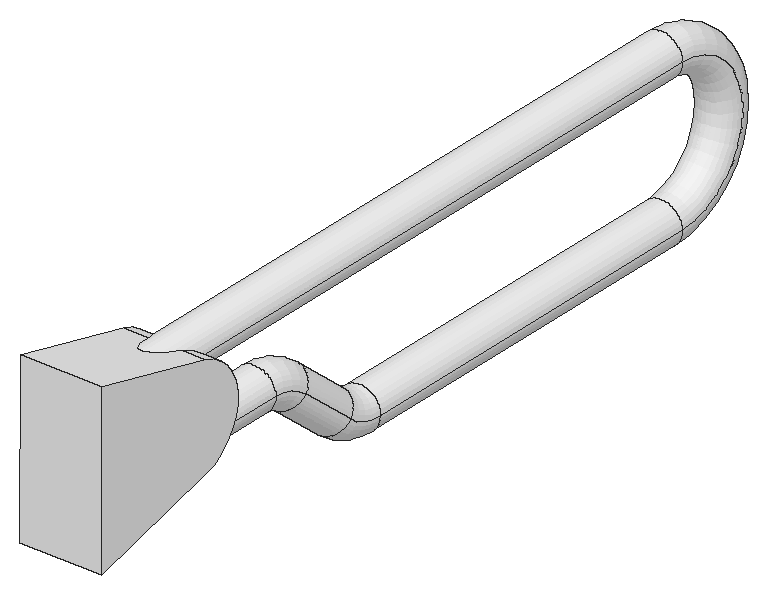
Revit family
Parameters (values of type "2D Disabled Toilet")
  Material SanitaryWare = Metal - White powder coated
  Assembly Code = ""
Reference planes
  plane 1 "Center (Front/Back)": y = 0
  plane 2: z = 0
  plane 3: x = -855.796
  plane 4: z = 700
  plane 5: y = 111.584
  plane 6: z = 680
  plane 7: z = 530
  plane 8: z = 594.133
  plane 9: through (0, 227.13, 594.133) normal (0, 0.6428, 0.766)
Forms (mm)
  Extrusion 1, solid, material "Metal - White powder coated" <- "Material SanitaryWare"
    sketch origin (-855.796, 721.997, 4020) x (0, 1, 0) y (0, 0, 1)
      loop
        line (-721.997, -3300.612) -> (-721.997, -3445.455) -> (-610.413, -3417.634)
        arc (-610.413, -3417.634) -> (-575.568, -3373.034) -> (-610.413, -3328.433) r 45.966
        line (-610.413, -3328.433) -> (-721.997, -3300.612)
    from -35.09 to 35.09
  Sweep 2, solid, material "Metal - White powder coated" <- "Material SanitaryWare"
    path origin (-855.796, 721.997, 4000) x (0, 1, 0) y (0, 0, 1)
      loop
        line (-639.867, -3320) -> (-75, -3320)
        arc (-75, -3320) -> (-10, -3385) -> (-75, -3450) r 65
        line (-75, -3450) -> (-400.239, -3450)
        arc (-400.239, -3450) -> (-417.34, -3446.985) -> (-432.378, -3438.302) r 50
        line (-432.378, -3438.302) -> (-480.926, -3397.565)
        arc (-480.926, -3397.565) -> (-495.965, -3388.883) -> (-513.066, -3385.867) r 50
        line (-513.066, -3385.867) -> (-689.867, -3385.867)
    profile origin (-855.796, 364.564, 680) x (0, 0, 1) y (1, 0, 0)
      loop
        circle (0, 0) r 18
Cuts and joins
  joined: Extrusion 1, Sweep 2
